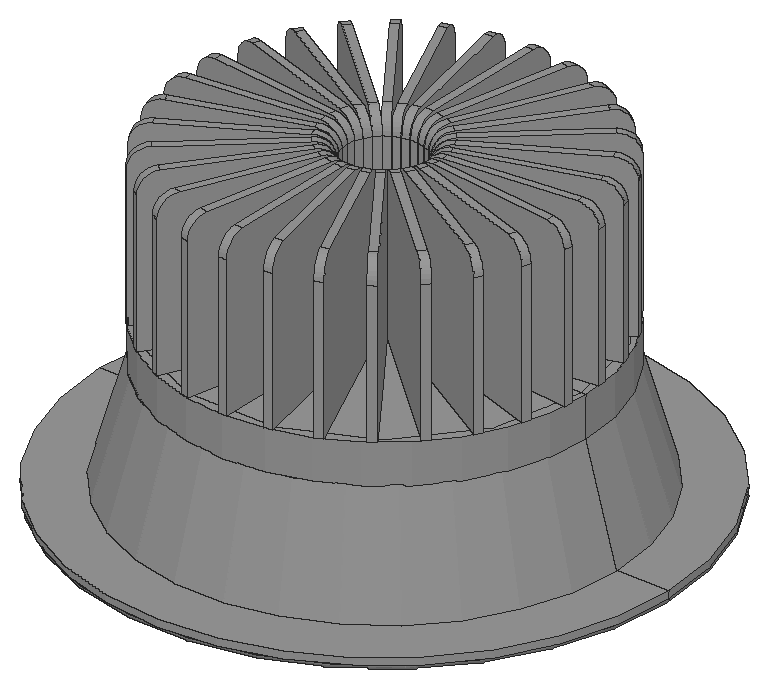
Revit family "WIL2_63_UN_Downlighter_ETK", category Lighting Fixtures, Revit 2017 (continued)
Definition of nested family "WIL.2 - Lightsource"
  Types (8, lengths in mm): name | Wattage Comments | Wattage | built-in parameter 1150134 | Photometric Web File | built-in parameter 1150142 | built-in parameter 1150105 | Lumens | built-in parameter 1150107 | built-in parameter 1150106 | Apparent Load
    WIL.2103.10 - LED 13W / 1980lm / 3000K | "13W" | 13.3296 W | (empty or 0) | "WIL.2103.10.ies" | "IESNA:LM-63-2002\r\n[TEST] /2016\r\n[TESTLAB] ies2eulumdat.appspot.com\r\n[ISSUEDATE] 2020-11-13T14:07:36.153\r\n[MANUFAC] www.etk.nl\r\n[LUMCAT] WIL.2103.10\r\n[LUMINAIRE] WIL.2 LED 13W 3000K helder wit DALI??145 IP43\r\n[LAMPCAT] LED\r\n[LAMP] LED\r\nTILT=NONE\r\n1\t1467\t1\t19\t72\t1\t2\t-0.088\t-0.088\t0.001\r\n1.0\t1.0\t13.00\r\n0\t 5\t 10\t 15\t 20\t 25\t 30\t 35\t 40\t 45\r\n50\t 55\t 60\t 65\t 70\t 75\t 80\t 85\t 90\r\n0\t 5\t 10\t 15\t 20\t 25\t 30\t 35\t 40\t 45\r\n50\t 55\t 60\t 65\t 70\t 75\t 80\t 85\t 90\t 95\r\n100\t 105\t 110\t 115\t 120\t 125\t 130\t 135\t 140\t 145\r\n150\t 155\t 160\t 165\t 170\t 175\t 180\t 185\t 190\t 195\r\n200\t 205\t 210\t 215\t 220\t 225\t 230\t 235\t 240\t 245\r\n250\t 255\t 260\t 265\t 270\t 275\t 280\t 285\t 290\t 295\r\n300\t 305\t 310\t 315\t 320\t 325\t 330\t 335\t 340\t 345\r\n350\t 355\r\n1282.4807\t1264.8767\t1210.7591\t1103.8148\t963.2322\t875.5349\t715.7933\t597.6705\t473.4889\t211.248\r\n40.6506\t34.0051\t26.6407\t17.2666\t16.4451\t12.2788\t12.1468\t6.7189\t0.3374\r\n1282.4807\t1264.5393\t1209.4388\t1102.4945\t961.2518\t873.2171\t716.7469\t598.668\t475.2053\t216.5292\r\n40.6212\t34.0051\t27.0662\t18.0881\t16.9145\t12.2788\t12.5722\t7.1443\t0.3374\r\n1282.4807\t1264.1432\t1208.984\t1101.5263\t960.9143\t871.1926\t717.7151\t602.2035\t477.3178\t223.0427\r\n41.0907\t33.9904\t27.5063\t18.0881\t16.8558\t12.6309\t11.692\t7.1443\t0.3374\r\n1282.4807\t1264.5393\t1209.4975\t1101.0128\t960.0488\t871.9555\t719.4901\t606.0617\t480.0171\t228.7346\r\n41.0467\t34.4452\t27.873\t18.4402\t16.4451\t12.6896\t11.692\t7.1443\t0.3374\r\n1282.4807\t1264.4366\t1208.6466\t1099.1938\t959.7114\t871.9115\t721.3386\t608.9224\t479.5476\t231.566\r\n41.4868\t34.4012\t27.4329\t18.0294\t16.9145\t12.6309\t12.5722\t7.5991\t0.3374\r\n1282.4807\t1264.1579\t1209.0867\t1099.6925\t958.9192\t872.9677\t724.4633\t611.783\t480.0611\t235.1894\r\n41.4868\t35.296\t27.7996\t18.0294\t16.8558\t13.0563\t12.5135\t7.1443\t0.3374\r\n1282.4807\t1264.4807\t1209.1454\t1099.1938\t960.2835\t874.7574\t725.8569\t614.3209\t480.5012\t239.3117\r\n41.9562\t35.296\t28.6652\t18.851\t17.8681\t13.0563\t12.5722\t7.5697\t0.3374\r\n1282.4807\t1264.5393\t1207.7811\t1099.3551\t959.8434\t875.1095\t727.7787\t615.3772\t481.8655\t245.4144\r\n42.3963\t36.1469\t29.1053\t18.851\t17.8094\t13.0563\t12.5722\t7.511\t0.3374\r\n1282.4807\t1264.6127\t1206.9009\t1098.8564\t960.6209\t877.4567\t729.1137\t615.0691\t481.8655\t249.8301\r\n42.8364\t36.587\t30.3376\t19.203\t16.8558\t13.0416\t12.9683\t7.5697\t0.3374\r\n1282.4807\t1264.5833\t1206.9742\t1098.8564\t961.4425\t878.8944\t729.1137\t615.1278\t482.731\t253.5123\r\n43.3058\t36.587\t30.3376\t19.2617\t17.3399\t13.4671\t12.5135\t7.1443\t0.3374\r\n1282.4807\t1264.5393\t1206.5635\t1097.9468\t959.9021\t878.5716\t729.5538\t614.673\t484.8728\t258.7641\r\n43.7019\t37.4378\t30.7043\t19.203\t17.7507\t13.4671\t12.9976\t7.1443\t0.3374\r\n1282.4807\t1264.5393\t1205.654\t1097.448\t959.1099\t879.6425\t730.8887\t616.5361\t487.0147\t264.4561\r\n43.7019\t37.8779\t31.1297\t19.6138\t17.8094\t13.8631\t12.9536\t7.1443\t0.2494\r\n1282.4807\t1265.0528\t1206.1087\t1097.536\t959.8434\t881.3149\t733.1333\t616.7855\t487.4548\t266.9207\r\n44.6115\t37.922\t31.5698\t19.6138\t17.8094\t13.8631\t13.3937\t7.5697\t0.3374\r\n1282.4807\t1265.0528\t1205.2579\t1097.0226\t961.8386\t880.9775\t733.9548\t617.5336\t487.8802\t270.1921\r\n44.6115\t37.8779\t31.5698\t19.6138\t18.2788\t13.4671\t13.3937\t7.511\t0.3374\r\n1282.4807\t1264.6127\t1203.9376\t1096.1277\t961.0904\t881.6963\t735.7445\t617.9004\t487.3961\t272.5539\r\n44.6115\t38.7728\t31.9953\t20.0246\t18.2788\t13.4671\t13.3937\t7.9658\t0.3374\r\n1282.4807\t1264.642\t1204.3337\t1096.1277\t960.6943\t883.6915\t736.2433\t616.4334\t486.9707\t275.8253\r\n45.0076\t38.318\t32.362\t19.9659\t18.2788\t13.4671\t13.3937\t7.9658\t0.3374\r\n1282.4807\t1266.2411\t1203.9962\t1094.7341\t959.9608\t883.6328\t735.2311\t615.0104\t485.6797\t275.7667\r\n45.0076\t39.1689\t31.9366\t20.0246\t18.2788\t13.4671\t13.7751\t7.9658\t0.3374\r\n1282.4807\t1265.3902\t1202.2065\t1092.4309\t959.9608\t884.645\t734.8496\t613.9542\t485.6357\t276.5588\r\n45.0076\t38.7141\t32.362\t20.0246\t18.7483\t14.2886\t13.8191\t7.9658\t0.3374\r\n1282.4807\t1267.0919\t1201.8544\t1091.6094\t959.6234\t884.3076\t733.4413\t613.2647\t484.8288\t276.1774\r\n45.9171\t38.7288\t31.9366\t20.4353\t18.7483\t14.2886\t13.7751\t7.9658\t0.3374\r\n1282.4807\t1265.3902\t1202.2065\t1092.4309\t959.9608\t884.645\t734.8496\t613.9542\t485.6357\t276.5588\r\n45.0076\t38.7141\t32.362\t20.0246\t18.7483\t14.2886\t13.8191\t7.9658\t0.3374\r\n1282.4807\t1266.2411\t1203.9962\t1094.7341\t959.9608\t883.6328\t735.2311\t615.0104\t485.6797\t275.7667\r\n45.0076\t39.1689\t31.9366\t20.0246\t18.2788\t13.4671\t13.7751\t7.9658\t0.3374\r\n1282.4807\t1264.642\t1204.3337\t1096.1277\t960.6943\t883.6915\t736.2433\t616.4334\t486.9707\t275.8253\r\n45.0076\t38.318\t32.362\t19.9659\t18.2788\t13.4671\t13.3937\t7.9658\t0.3374\r\n1282.4807\t1264.6127\t1203.9376\t1096.1277\t961.0904\t881.6963\t735.7445\t617.9004\t487.3961\t272.5539\r\n44.6115\t38.7728\t31.9953\t20.0246\t18.2788\t13.4671\t13.3937\t7.9658\t0.3374\r\n1282.4807\t1265.0528\t1205.2579\t1097.0226\t961.8386\t880.9775\t733.9548\t617.5336\t487.8802\t270.1921\r\n44.6115\t37.8779\t31.5698\t19.6138\t18.2788\t13.4671\t13.3937\t7.511\t0.3374\r\n1282.4807\t1265.0528\t1206.1087\t1097.536\t959.8434\t881.3149\t733.1333\t616.7855\t487.4548\t266.9207\r\n44.6115\t37.922\t31.5698\t19.6138\t17.8094\t13.8631\t13.3937\t7.5697\t0.3374\r\n1282.4807\t1264.5393\t1205.654\t1097.448\t959.1099\t879.6425\t730.8887\t616.5361\t487.0147\t264.4561\r\n43.7019\t37.8779\t31.1297\t19.6138\t17.8094\t13.8631\t12.9536\t7.1443\t0.2494\r\n1282.4807\t1264.5393\t1206.5635\t1097.9468\t959.9021\t878.5716\t729.5538\t614.673\t484.8728\t258.7641\r\n43.7019\t37.4378\t30.7043\t19.203\t17.7507\t13.4671\t12.9976\t7.1443\t0.3374\r\n1282.4807\t1264.5833\t1206.9742\t1098.8564\t961.4425\t878.8944\t729.1137\t615.1278\t482.731\t253.5123\r\n43.3058\t36.587\t30.3376\t19.2617\t17.3399\t13.4671\t12.5135\t7.1443\t0.3374\r\n1282.4807\t1264.6127\t1206.9009\t1098.8564\t960.6209\t877.4567\t729.1137\t615.0691\t481.8655\t249.8301\r\n42.8364\t36.587\t30.3376\t19.203\t16.8558\t13.0416\t12.9683\t7.5697\t0.3374\r\n1282.4807\t1264.5393\t1207.7811\t1099.3551\t959.8434\t875.1095\t727.7787\t615.3772\t481.8655\t245.4144\r\n42.3963\t36.1469\t29.1053\t18.851\t17.8094\t13.0563\t12.5722\t7.511\t0.3374\r\n1282.4807\t1264.4807\t1209.1454\t1099.1938\t960.2835\t874.7574\t725.8569\t614.3209\t480.5012\t239.3117\r\n41.9562\t35.296\t28.6652\t18.851\t17.8681\t13.0563\t12.5722\t7.5697\t0.3374\r\n1282.4807\t1264.1579\t1209.0867\t1099.6925\t958.9192\t872.9677\t724.4633\t611.783\t480.0611\t235.1894\r\n41.4868\t35.296\t27.7996\t18.0294\t16.8558\t13.0563\t12.5135\t7.1443\t0.3374\r\n1282.4807\t1264.4366\t1208.6466\t1099.1938\t959.7114\t871.9115\t721.3386\t608.9224\t479.5476\t231.566\r\n41.4868\t34.4012\t27.4329\t18.0294\t16.9145\t12.6309\t12.5722\t7.5991\t0.3374\r\n1282.4807\t1264.5393\t1209.4975\t1101.0128\t960.0488\t871.9555\t719.4901\t606.0617\t480.0171\t228.7346\r\n41.0467\t34.4452\t27.873\t18.4402\t16.4451\t12.6896\t11.692\t7.1443\t0.3374\r\n1282.4807\t1264.1432\t1208.984\t1101.5263\t960.9143\t871.1926\t717.7151\t602.2035\t477.3178\t223.0427\r\n41.0907\t33.9904\t27.5063\t18.0881\t16.8558\t12.6309\t11.692\t7.1443\t0.3374\r\n1282.4807\t1264.5393\t1209.4388\t1102.4945\t961.2518\t873.2171\t716.7469\t598.668\t475.2053\t216.5292\r\n40.6212\t34.0051\t27.0662\t18.0881\t16.9145\t12.2788\t12.5722\t7.1443\t0.3374\r\n1282.4807\t1264.8767\t1210.7591\t1103.8148\t963.2322\t875.5349\t715.7933\t597.6705\t473.4889\t211.248\r\n40.6506\t34.0051\t26.6407\t17.2666\t16.4451\t12.2788\t12.1468\t6.7189\t0.3374\r\n1282.4807\t1264.5393\t1209.4388\t1102.4945\t961.2518\t873.2171\t716.7469\t598.668\t475.2053\t216.5292\r\n40.6212\t34.0051\t27.0662\t18.0881\t16.9145\t12.2788\t12.5722\t7.1443\t0.3374\r\n1282.4807\t1264.1432\t1208.984\t1101.5263\t960.9143\t871.1926\t717.7151\t602.2035\t477.3178\t223.0427\r\n41.0907\t33.9904\t27.5063\t18.0881\t16.8558\t12.6309\t11.692\t7.1443\t0.3374\r\n1282.4807\t1264.5393\t1209.4975\t1101.0128\t960.0488\t871.9555\t719.4901\t606.0617\t480.0171\t228.7346\r\n41.0467\t34.4452\t27.873\t18.4402\t16.4451\t12.6896\t11.692\t7.1443\t0.3374\r\n1282.4807\t1264.4366\t1208.6466\t1099.1938\t959.7114\t871.9115\t721.3386\t608.9224\t479.5476\t231.566\r\n41.4868\t34.4012\t27.4329\t18.0294\t16.9145\t12.6309\t12.5722\t7.5991\t0.3374\r\n1282.4807\t1264.1579\t1209.0867\t1099.6925\t958.9192\t872.9677\t724.4633\t611.783\t480.0611\t235.1894\r\n41.4868\t35.296\t27.7996\t18.0294\t16.8558\t13.0563\t12.5135\t7.1443\t0.3374\r\n1282.4807\t1264.4807\t1209.1454\t1099.1938\t960.2835\t874.7574\t725.8569\t614.3209\t480.5012\t239.3117\r\n41.9562\t35.296\t28.6652\t18.851\t17.8681\t13.0563\t12.5722\t7.5697\t0.3374\r\n1282.4807\t1264.5393\t1207.7811\t1099.3551\t959.8434\t875.1095\t727.7787\t615.3772\t481.8655\t245.4144\r\n42.3963\t36.1469\t29.1053\t18.851\t17.8094\t13.0563\t12.5722\t7.511\t0.3374\r\n1282.4807\t1264.6127\t1206.9009\t1098.8564\t960.6209\t877.4567\t729.1137\t615.0691\t481.8655\t249.8301\r\n42.8364\t36.587\t30.3376\t19.203\t16.8558\t13.0416\t12.9683\t7.5697\t0.3374\r\n1282.4807\t1264.5833\t1206.9742\t1098.8564\t961.4425\t878.8944\t729.1137\t615.1278\t482.731\t253.5123\r\n43.3058\t36.587\t30.3376\t19.2617\t17.3399\t13.4671\t12.5135\t7.1443\t0.3374\r\n1282.4807\t1264.5393\t1206.5635\t1097.9468\t959.9021\t878.5716\t729.5538\t614.673\t484.8728\t258.7641\r\n43.7019\t37.4378\t30.7043\t19.203\t17.7507\t13.4671\t12.9976\t7.1443\t0.3374\r\n1282.4807\t1264.5393\t1205.654\t1097.448\t959.1099\t879.6425\t730.8887\t616.5361\t487.0147\t264.4561\r\n43.7019\t37.8779\t31.1297\t19.6138\t17.8094\t13.8631\t12.9536\t7.1443\t0.2494\r\n1282.4807\t1265.0528\t1206.1087\t1097.536\t959.8434\t881.3149\t733.1333\t616.7855\t487.4548\t266.9207\r\n44.6115\t37.922\t31.5698\t19.6138\t17.8094\t13.8631\t13.3937\t7.5697\t0.3374\r\n1282.4807\t1265.0528\t1205.2579\t1097.0226\t961.8386\t880.9775\t733.9548\t617.5336\t487.8802\t270.1921\r\n44.6115\t37.8779\t31.5698\t19.6138\t18.2788\t13.4671\t13.3937\t7.511\t0.3374\r\n1282.4807\t1264.6127\t1203.9376\t1096.1277\t961.0904\t881.6963\t735.7445\t617.9004\t487.3961\t272.5539\r\n44.6115\t38.7728\t31.9953\t20.0246\t18.2788\t13.4671\t13.3937\t7.9658\t0.3374\r\n1282.4807\t1264.642\t1204.3337\t1096.1277\t960.6943\t883.6915\t736.2433\t616.4334\t486.9707\t275.8253\r\n45.0076\t38.318\t32.362\t19.9659\t18.2788\t13.4671\t13.3937\t7.9658\t0.3374\r\n1282.4807\t1266.2411\t1203.9962\t1094.7341\t959.9608\t883.6328\t735.2311\t615.0104\t485.6797\t275.7667\r\n45.0076\t39.1689\t31.9366\t20.0246\t18.2788\t13.4671\t13.7751\t7.9658\t0.3374\r\n1282.4807\t1265.3902\t1202.2065\t1092.4309\t959.9608\t884.645\t734.8496\t613.9542\t485.6357\t276.5588\r\n45.0076\t38.7141\t32.362\t20.0246\t18.7483\t14.2886\t13.8191\t7.9658\t0.3374\r\n1282.4807\t1267.0919\t1201.8544\t1091.6094\t959.6234\t884.3076\t733.4413\t613.2647\t484.8288\t276.1774\r\n45.9171\t38.7288\t31.9366\t20.4353\t18.7483\t14.2886\t13.7751\t7.9658\t0.3374\r\n1282.4807\t1265.3902\t1202.2065\t1092.4309\t959.9608\t884.645\t734.8496\t613.9542\t485.6357\t276.5588\r\n45.0076\t38.7141\t32.362\t20.0246\t18.7483\t14.2886\t13.8191\t7.9658\t0.3374\r\n1282.4807\t1266.2411\t1203.9962\t1094.7341\t959.9608\t883.6328\t735.2311\t615.0104\t485.6797\t275.7667\r\n45.0076\t39.1689\t31.9366\t20.0246\t18.2788\t13.4671\t13.7751\t7.9658\t0.3374\r\n1282.4807\t1264.642\t1204.3337\t1096.1277\t960.6943\t883.6915\t736.2433\t616.4334\t486.9707\t275.8253\r\n45.0076\t38.318\t32.362\t19.9659\t18.2788\t13.4671\t13.3937\t7.9658\t0.3374\r\n1282.4807\t1264.6127\t1203.9376\t1096.1277\t961.0904\t881.6963\t735.7445\t617.9004\t487.3961\t272.5539\r\n44.6115\t38.7728\t31.9953\t20.0246\t18.2788\t13.4671\t13.3937\t7.9658\t0.3374\r\n1282.4807\t1265.0528\t1205.2579\t1097.0226\t961.8386\t880.9775\t733.9548\t617.5336\t487.8802\t270.1921\r\n44.6115\t37.8779\t31.5698\t19.6138\t18.2788\t13.4671\t13.3937\t7.511\t0.3374\r\n1282.4807\t1265.0528\t1206.1087\t1097.536\t959.8434\t881.3149\t733.1333\t616.7855\t487.4548\t266.9207\r\n44.6115\t37.922\t31.5698\t19.6138\t17.8094\t13.8631\t13.3937\t7.5697\t0.3374\r\n1282.4807\t1264.5393\t1205.654\t1097.448\t959.1099\t879.6425\t730.8887\t616.5361\t487.0147\t264.4561\r\n43.7019\t37.8779\t31.1297\t19.6138\t17.8094\t13.8631\t12.9536\t7.1443\t0.2494\r\n1282.4807\t1264.5393\t1206.5635\t1097.9468\t959.9021\t878.5716\t729.5538\t614.673\t484.8728\t258.7641\r\n43.7019\t37.4378\t30.7043\t19.203\t17.7507\t13.4671\t12.9976\t7.1443\t0.3374\r\n1282.4807\t1264.5833\t1206.9742\t1098.8564\t961.4425\t878.8944\t729.1137\t615.1278\t482.731\t253.5123\r\n43.3058\t36.587\t30.3376\t19.2617\t17.3399\t13.4671\t12.5135\t7.1443\t0.3374\r\n1282.4807\t1264.6127\t1206.9009\t1098.8564\t960.6209\t877.4567\t729.1137\t615.0691\t481.8655\t249.8301\r\n42.8364\t36.587\t30.3376\t19.203\t16.8558\t13.0416\t12.9683\t7.5697\t0.3374\r\n1282.4807\t1264.5393\t1207.7811\t1099.3551\t959.8434\t875.1095\t727.7787\t615.3772\t481.8655\t245.4144\r\n42.3963\t36.1469\t29.1053\t18.851\t17.8094\t13.0563\t12.5722\t7.511\t0.3374\r\n1282.4807\t1264.4807\t1209.1454\t1099.1938\t960.2835\t874.7574\t725.8569\t614.3209\t480.5012\t239.3117\r\n41.9562\t35.296\t28.6652\t18.851\t17.8681\t13.0563\t12.5722\t7.5697\t0.3374\r\n1282.4807\t1264.1579\t1209.0867\t1099.6925\t958.9192\t872.9677\t724.4633\t611.783\t480.0611\t235.1894\r\n41.4868\t35.296\t27.7996\t18.0294\t16.8558\t13.0563\t12.5135\t7.1443\t0.3374\r\n1282.4807\t1264.4366\t1208.6466\t1099.1938\t959.7114\t871.9115\t721.3386\t608.9224\t479.5476\t231.566\r\n41.4868\t34.4012\t27.4329\t18.0294\t16.9145\t12.6309\t12.5722\t7.5991\t0.3374\r\n1282.4807\t1264.5393\t1209.4975\t1101.0128\t960.0488\t871.9555\t719.4901\t606.0617\t480.0171\t228.7346\r\n41.0467\t34.4452\t27.873\t18.4402\t16.4451\t12.6896\t11.692\t7.1443\t0.3374\r\n1282.4807\t1264.1432\t1208.984\t1101.5263\t960.9143\t871.1926\t717.7151\t602.2035\t477.3178\t223.0427\r\n41.0907\t33.9904\t27.5063\t18.0881\t16.8558\t12.6309\t11.692\t7.1443\t0.3374\r\n1282.4807\t1264.5393\t1209.4388\t1102.4945\t961.2518\t873.2171\t716.7469\t598.668\t475.2053\t216.5292\r\n40.6212\t34.0051\t27.0662\t18.0881\t16.9145\t12.2788\t12.5722\t7.1443\t0.3374" | 3282 (stored number, unit not read) | 1980 lm | 3000 (stored number, unit not read) | 32.82 (stored number, unit not read) | 13 VA
